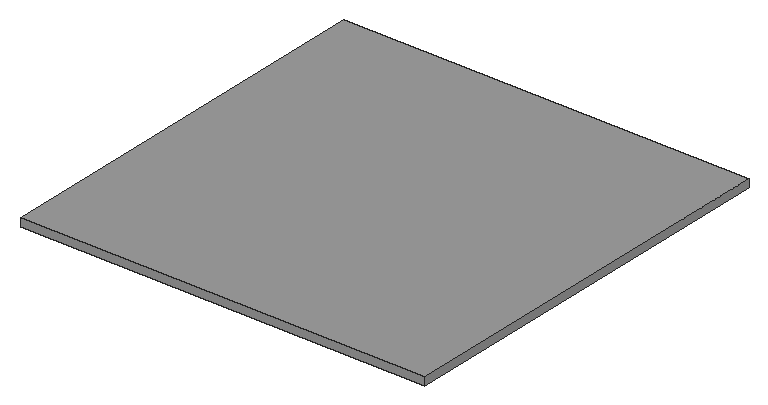
Revit family "BK-BK Inverted Roof 80mm Family", category Generic Models, host Floor, Revit 2017
Family settings
  Host = Floor
  Can host rebar = No
  Round Connector Dimension = Use Diameter
  Part Type = Normal
  Always vertical = Yes
  Cut with Voids When Loaded = No
  Shared = No
  Room Calculation Point = No
Parameters (values of type "Lambdaboard")
  Width = 4000 mm
  URL = "www.rigifoam.com"
  Type Comments = "duncan@rigifoam.com"
  Thermal Resistance = 3.3300 (m²·K)/W
  Thermal Conductivity = 0.0240 W/(m·K)
  Model = "BK/BK Inverted Roof 80mm"
  Material = Polyisocyanurate
  Manufacturer = "Lambdaboard"
  Length = 4000 mm
  Slab Thickness = 300 mm
  Description = "Flexible PIR Insulation"
  Depth = 80 mm
  Density = 40.0000 kg/m³
Reference planes
  plane 1 "Center (Front/Back)": y = 0
  plane 2: z = 0
  plane 3 "Center (Left/Right)": x = 0
Forms (mm)
  Extrusion 1, solid, material "Polyisocyanurate" <- "Material"
    sketch origin (0, 0, 0) x (1, 0, 0) y (0, 1, 0)
      loop
        line (-2000, 2000) -> (-2000, -2000) -> (2000, -2000) -> (2000, 2000) -> (-2000, 2000)
    from -300 to -380
Dimensions and locks
  "Depth": Extrusion 1 to Extrusion 1
  "Length": Extrusion 1 to Extrusion 1
  "Width": Extrusion 1 to Extrusion 1
  "Slab Thickness": plane 2 to Extrusion 1
  aligned and locked: level to plane 2
Automatic sketch dimensions
  Extrusion 1 sketch curve to plane 3 "Center (Left/Right)" = 2000 mm
  plane 3 "Center (Left/Right)" to Extrusion 1 sketch curve = 2000 mm
  plane 1 "Center (Front/Back)" to Extrusion 1 sketch curve = 2000 mm
  Extrusion 1 sketch curve to plane 1 "Center (Front/Back)" = 2000 mm
